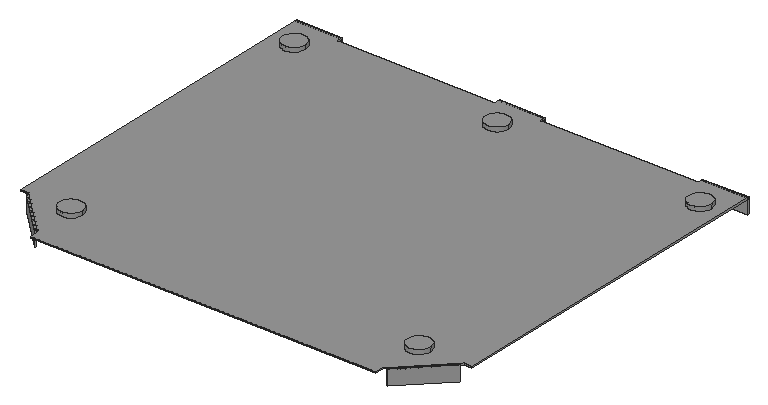
Revit family "Deckel für T-Abzweigstück Magic, Bei NB 300-600", category Generic Models, Revit 2015
Parameters (values of type "DFTM 300 FS")
  Width 1 = 198.6 mm
  Width = 397.2 mm
  URL = "http://www.obo-bettermann.com"
  Material = Strip-galvanised
  Manufacturer Art.No. = "7138796"
  Manufacturer = "OBO Bettermann"
  Length 2 = 304 mm
  Length 1 = 5 mm
  Length = 350.7 mm
  Height 1 = 2 mm
  Height = 1 mm
  GTIN = "4012195930914"
  Article Type = "DFTM 300 FS"
Types (9, lengths in mm): name | Width 1 | Width | Material | Manufacturer Art.No. | Length 2 | Length | Height 1 | Height | GTIN | Article Type
  (no name) | 198.6 | 397.2 | Strip-galvanised | "7138796" | 304 | 350.7 | 2 | 1 | "4012195930914" | "DFTM 300 FS"
  DFTM 300 FS | 198.6 | 397.2 | Strip-galvanised | "7138796" | 304 | 350.7 | 2 | 1 | "4012195930914" | "DFTM 300 FS"
  DFTM 400 FS | 248.6 | 497.2 | Strip-galvanised | "7138798" | 404.3 | 451 | 2.3 | 1.3 | "4012195930921" | "DFTM 400 FS"
  DFTM 500 FS | 298.6 | 597.2 | Strip-galvanised | "7138800" | 504.3 | 551 | 2.3 | 1.3 | "4012195930938" | "DFTM 500 FS"
  DFTM 600 FS | 348.6 | 697.2 | Strip-galvanised | "7138802" | 604.3 | 651 | 2.3 | 1.3 | "4012195930945" | "DFTM 600 FS"
  DFTM 300 DD | 198.6 | 397.2 | Strip galvanised zinc/aluminium, Double Dip | "7138836" | 304 | 350.7 | 2 | 1 | "4012195931010" | "DFTM 300 DD"
  DFTM 400 DD | 248.6 | 497.2 | Strip galvanised zinc/aluminium, Double Dip | "7138838" | 404.3 | 451 | 2.3 | 1.3 | "4012195931027" | "DFTM 400 DD"
  DFTM 500 DD | 298.6 | 597.2 | Strip galvanised zinc/aluminium, Double Dip | "7138840" | 504.3 | 551 | 2.3 | 1.3 | "4012195931058" | "DFTM 500 DD"
  DFTM 600 DD | 348.6 | 697.2 | Strip galvanised zinc/aluminium, Double Dip | "7138842" | 604.3 | 651 | 2.3 | 1.3 | "4012195931065" | "DFTM 600 DD"
Reference planes
  plane 1 "Center (Front/Back)": y = 0
  plane 2: z = 0
  plane 3 "Center (Left/Right)": x = 0
  plane 4: z = -1
  plane 5: z = -13
  plane 6: z = 3.3
Forms (mm)
  Extrusion 1, solid, material "Strip-galvanised" <- "Material"
    sketch origin (0, 0, 0) x (1, 0, 0) y (0, 1, 0)
      loop
        line (-198.6, 350.7) -> (-198.6, 46.7) -> (-191.1, 46.7) -> (-151.9, 7.5) -> (-151.9, 0) -> (151.9, 0) -> (151.9, 7.5) -> (191.1, 46.7) -> (198.6, 46.7) -> (198.6, 350.7) -> (158.6, 350.7) -> (158.6, 345.7) -> (20, 345.7) -> (20, 350.7) -> (-20, 350.7) -> (-20, 345.7) -> (-158.6, 345.7) -> (-158.6, 350.7) -> (-198.6, 350.7)
    from -1 to 0
  Extrusion 2, solid, material "Strip-galvanised" <- "Material"
    sketch origin (0, 0, 0) x (1, 0, 0) y (0, 1, 0)
      loop
        line (153.845, 9.445) -> (155.259, 8.03) -> (190.57, 43.341) -> (189.155, 44.755) -> (153.845, 9.445)
      loop
        line (-189.155, 44.755) -> (-190.57, 43.341) -> (-155.259, 8.03) -> (-153.845, 9.445) -> (-189.155, 44.755)
    from -1 to 0
  Extrusion 3, solid, material "Strip-galvanised" <- "Material"
    sketch origin (0, 0, 0) x (1, 0, 0) y (0, 1, 0)
      loop
        line (155.259, 8.03) -> (190.57, 43.341) -> (189.863, 44.048) -> (154.552, 8.737) -> (155.259, 8.03)
      loop
        line (-190.57, 43.341) -> (-155.259, 8.03) -> (-154.552, 8.737) -> (-189.863, 44.048) -> (-190.57, 43.341)
      loop
        line (158.6, 350.7) -> (158.6, 349.7) -> (198.6, 349.7) -> (198.6, 350.7) -> (158.6, 350.7)
      loop
        line (-198.6, 350.7) -> (-198.6, 349.7) -> (-158.6, 349.7) -> (-158.6, 350.7) -> (-198.6, 350.7)
      loop
        line (20, 350.7) -> (-20, 350.7) -> (-20, 349.7) -> (20, 349.7) -> (20, 350.7)
    from -13 to 0
  Extrusion 4, solid, material "Strip-galvanised" <- "Material"
    sketch origin (0, 0, 0) x (1, 0, 0) y (0, 1, 0)
      loop
        circle (178.6, 322.7) r 10
      loop
        circle (-178.6, 322.7) r 10
      loop
        circle (153.1, 45.5) r 10
      loop
        circle (-153.1, 45.5) r 10
      loop
        circle (0, 322.7) r 10
    from 0 to 3.3
Dimensions and locks
  "Length": plane 1 "Center (Front/Back)" to Extrusion 1 sketch curve
  "Width": Extrusion 1 sketch curve to Extrusion 1 sketch curve
  "Width 1": Extrusion 1 sketch curve to plane 3 "Center (Left/Right)"
  "Length 1": Extrusion 1 sketch curve to Extrusion 1 sketch curve
  locked: Extrusion 1 sketch curve to Extrusion 1 sketch curve at 40  (x3)
  "Length 2": Extrusion 1 sketch curve to Extrusion 1 sketch curve
  locked: Extrusion 1 sketch curve to Extrusion 1 sketch curve at 7.5  (x3)
  "Height": level to plane 4
  locked: Extrusion 2 sketch curve to Extrusion 1 at 2.75  (x2)
  "Height 1": Extrusion 2 sketch curve to Extrusion 1  (x2)
  locked: Extrusion 1 to Extrusion 2 sketch curve at 2.75
  Extrusion 1 to Extrusion 2 sketch curve = 2.75 mm
  locked: level to plane 5 at 13
  "Height": Extrusion 2 to Extrusion 3 sketch curve  (x2)
  "Height": Extrusion 1 to Extrusion 3 sketch curve  (x3)
  locked: Extrusion 4 sketch curve to Extrusion 1 at 20
  locked: Extrusion 3 to Extrusion 4 sketch curve at 28  (x2)
  locked: Extrusion 1 to Extrusion 4 sketch curve at 20
  locked: Extrusion 4 sketch curve to Extrusion 1 at 45.5
  locked: Extrusion 1 to Extrusion 4 sketch curve at 45.5  (x3)
  locked: plane 6 to level at 3.3
  locked: Extrusion 1 sketch curve to plane 3 "Center (Left/Right)" at 20
  locked: Extrusion 1 to Extrusion 4 sketch curve at 28
  radius of Extrusion 4 sketch curve = 10 mm  (x5)
  locked: Extrusion 1 sketch curve to Extrusion 1 sketch curve (angle 135.00°)  (x2)
  aligned and locked: level to plane 2
  aligned and locked: Extrusion 1 sketch curve to Extrusion 1 sketch curve  (x5)
  aligned and locked: Extrusion 1 sketch curve to plane 1 "Center (Front/Back)"
  aligned and locked: Extrusion 1 to plane 4
  aligned and locked: level to Extrusion 1
  aligned and locked: Extrusion 1 to Extrusion 2 sketch curve  (x2)
  aligned and locked: level to Extrusion 2
  aligned and locked: Extrusion 1 to Extrusion 2
  aligned and locked: Extrusion 3 sketch curve to Extrusion 2  (x6)
  aligned and locked: Extrusion 3 to plane 5
  aligned and locked: level to Extrusion 3
  aligned and locked: Extrusion 3 sketch curve to Extrusion 1  (x7)
  aligned and locked: Extrusion 3 sketch curve to Extrusion 3 sketch curve
  aligned and locked: Extrusion 4 to level
  aligned and locked: Extrusion 4 to plane 6
  aligned and locked: Extrusion 1 to Extrusion 3 sketch curve
Automatic sketch dimensions
  Extrusion 4 sketch curve to plane 3 "Center (Left/Right)" = 0 mm
